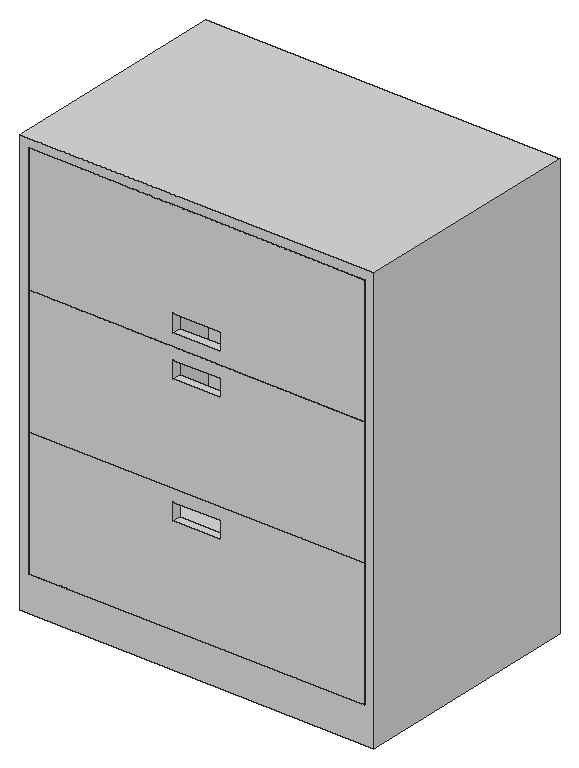
Revit family
Parameters (values of type "760 x 500 x 915mm")
  Keynote = "N"
  Assembly Code = ""
  Depth = 500 mm
  Material = Metal - Steel
  Height = 915 mm
  Width = 760 mm
Reference planes
  plane 1 "Center F/B": y = -934.318
  plane 2: z = 0
  plane 3 "Center L/R": x = -180.023
  plane 4: x = -560.023
  plane 5: x = 199.977
  plane 6: y = -1184.318
  plane 7: y = -684.318
  plane 8: x = 180.927
  plane 9: x = -540.973
  plane 10: y = -703.368
  plane 11: z = 76.2
  plane 12: z = 349.45
  plane 13: z = 622.7
  plane 14: z = 915
  plane 15: z = 895.95
Forms (mm)
  Extrusion 1, solid, material "Metal - Steel" <- "Material"
    sketch origin (0, 0, 0) x (1, 0, 0) y (0, 1, 0)
      loop
        line (-560.023, -684.318) -> (-560.023, -1184.318) -> (199.977, -1184.318) -> (199.977, -684.318) -> (-560.023, -684.318)
    from 0 to 915
  Extrusion 2, void
    sketch origin (-466.689, -1184.318, 1234.106) x (0, 0, -1) y (1, 0, 0)
      loop
        line (338.156, -74.284) -> (1157.906, -74.284) -> (1157.906, 647.616) -> (338.156, 647.616) -> (338.156, -74.284)
    from 0 to -480.95
  Extrusion 3, solid, material "Metal - Steel" <- "Material"
    sketch origin (-560.023, -1184.318, 915) x (0, 0, -1) y (1, 0, 0)
      loop
        line (292.3, 19.05) -> (292.3, 740.95) -> (19.05, 740.95) -> (19.05, 19.05) -> (292.3, 19.05)
    from 0 to -19.05
  Extrusion 4, solid, material "Metal - Steel" <- "Material"
    sketch origin (-560.023, -1184.318, 915) x (0, 0, -1) y (1, 0, 0)
      loop
        line (292.3, 19.05) -> (565.55, 19.05) -> (565.55, 740.95) -> (292.3, 740.95) -> (292.3, 19.05)
    from 0 to -19.05
  Extrusion 5, solid, material "Metal - Steel" <- "Material"
    sketch origin (-560.023, -1184.318, 915) x (0, 0, -1) y (1, 0, 0)
      loop
        line (565.55, 19.05) -> (838.8, 19.05) -> (838.8, 740.95) -> (565.55, 740.95) -> (565.55, 19.05)
    from 0 to -19.05
  Extrusion 6, void
    sketch origin (-560.023, -1184.318, 915) x (0, 0, -1) y (1, 0, 0)
      loop
        line (590.95, 329.2) -> (629.05, 329.2) -> (629.05, 430.8) -> (590.95, 430.8) -> (590.95, 329.2)
    from 0 to -19.05
  Extrusion 7, void
    sketch origin (-560.023, -1184.318, 915) x (0, 0, -1) y (1, 0, 0)
      loop
        line (317.7, 329.2) -> (355.8, 329.2) -> (355.8, 430.8) -> (317.7, 430.8) -> (317.7, 329.2)
      loop
        line (228.8, 329.2) -> (266.9, 329.2) -> (266.9, 430.8) -> (228.8, 430.8) -> (228.8, 329.2)
    from 0 to -19.05
Cuts and joins
  Extrusion 2, Extrusion 6, Extrusion 7 cuts Extrusion 1
  Extrusion 6, Extrusion 7 cuts Extrusion 3
  Extrusion 6, Extrusion 7 cuts Extrusion 4
  Extrusion 6, Extrusion 7 cuts Extrusion 5
Lines and regions (mm)
  Masking region 1
    outline origin (0, 0, 0) x (1, 0, 0) y (0, 1, 0)
      loop
        line (-560.023, -684.318) -> (-560.023, -1184.318) -> (199.977, -1184.318) -> (199.977, -684.318) -> (-560.023, -684.318)
  symbolic lines
    curve 1: line (199.977, -684.318, 0) -> (-560.023, -684.318, 0)
    curve 2: line (-560.023, -684.318, 0) -> (-560.023, -1184.318, 0)
    curve 3: line (-560.023, -1184.318, 0) -> (199.977, -1184.318, 0)
    curve 4: line (199.977, -1184.318, 0) -> (199.977, -684.318, 0)
Dimensions and locks
  equal spacing: plane 4, plane 3 "Center L/R", plane 5
  equal spacing: plane 6, plane 1 "Center F/B", plane 7
  "Depth": plane 6 to plane 7
  "Width": plane 4 to plane 5
  locked: plane 10 to plane 7 at 19.05
  "Height": plane 14 to plane 2
  locked: plane 11 to plane 2 at 76.2
  locked: plane 14 to plane 15 at 19.05
  plane 4 to plane 9 = 19.05 mm
  plane 8 to plane 5 = 19.05 mm
  equal spacing: plane 9, plane 3 "Center L/R", plane 8
  equal spacing: plane 15, plane 13, plane 12, plane 11
  aligned and locked: Extrusion 2 to plane 10
  aligned and locked: plane 14 to Extrusion 1
  aligned and locked: Extrusion 1 to plane 2
  aligned and locked: plane 15 to Extrusion 2
  aligned and locked: Extrusion 2 sketch curve to plane 11
  aligned and locked: plane 15 to cut or joined group of Extrusion 3, Extrusion 6, Extrusion 7
  aligned and locked: curve 1 to cut or joined group of Extrusion 1, Extrusion 2, Extrusion 6, Extrusion 7
  aligned and locked: curve 2 to cut or joined group of Extrusion 1, Extrusion 2, Extrusion 6, Extrusion 7
  aligned and locked: curve 3 to cut or joined group of Extrusion 1, Extrusion 2, Extrusion 6, Extrusion 7
  aligned and locked: curve 4 to cut or joined group of Extrusion 1, Extrusion 2, Extrusion 6, Extrusion 7
  aligned: plane 4 to Masking region 1 sketch curve
  aligned: plane 7 to Masking region 1 sketch curve
  aligned: plane 5 to Masking region 1 sketch curve
Automatic sketch dimensions
  Extrusion 2 sketch curve to plane 8 = 0 mm
  Extrusion 2 sketch curve to plane 15 = 0 mm
  Extrusion 2 sketch curve to plane 9 = 0 mm
  Extrusion 3 sketch curve to plane 9 = 0 mm
  Extrusion 3 sketch curve to plane 8 = 0 mm
  Extrusion 4 sketch curve to plane 9 = 0 mm
  Extrusion 4 sketch curve to plane 8 = 0 mm
  Extrusion 7 sketch curve to plane 3 "Center L/R" = 50.8 mm
  Extrusion 7 sketch curve to Extrusion 7 sketch curve = 0 mm
  plane 3 "Center L/R" to Extrusion 7 sketch curve = 50.8 mm  (x2)
  Masking region 1 sketch curve to plane 4 = 0 mm
  Masking region 1 sketch curve to plane 5 = 0 mm
  Masking region 1 sketch curve to plane 6 = 0 mm
  Masking region 1 sketch curve to plane 7 = 0 mm
